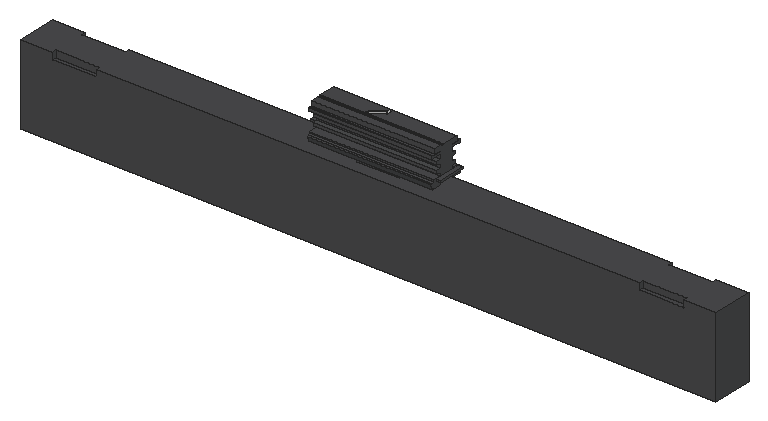
Revit family "STRIPE SINGLE HEAD RAIL 646_DTM30W6.6.90", category Luminarias, Revit 2019
Family settings
  Cota de conector redondo = Diámetro de uso
  Tipo de pieza = Normal
  Se basa en plano de trabajo = Sí
  Siempre vertical = Sí
  Corte con vacíos al cargar = No
  Origen de luz = Sí
  Compartido = No
  Punto de cálculo de habitación = No
Parameters (values of type "STRIPE SINGLE HEAD RAIL 646_DTM30W6.6.90")
  Ángulo de inclinación = 60.00°
  Zone [instance] = ""
  Watt per fixture = 30
  Wattage = 30 W
  built-in parameter 1150107 = 3000 (stored number, unit not read)
  built-in parameter 1150110 = 1 (stored number, unit not read)
  built-in parameter 1150109 = 1 (stored number, unit not read)
  built-in parameter 1150112 = 1 (stored number, unit not read)
  built-in parameter 1150113 = 1 (stored number, unit not read)
  built-in parameter 1114218 = 1 (stored number, unit not read)
  Keynote = ""
  built-in parameter 1150137 = (empty or 0)
  built-in parameter 1150132 = (empty or 0)
  Modelo = "DTM30W6.6.90"
  Lámpara = "2835SMD SAMSUNG"
  built-in parameter 1150105 = 202.92 (stored number, unit not read)
  built-in parameter 1150102 = (empty or 0)
  built-in parameter 1150106 = 2.0292 (stored number, unit not read)
  Lumens = 2550 lm
  Color Filter = 16777215
  built-in parameter 1114217 = 1 (stored number, unit not read)
  built-in parameter 1150139 = (empty or 0)
  Fabricante = "BRILLANT"
  Default Elevation = 1219.2 mm
  built-in parameter 1150104 = 7.8968 (stored number, unit not read)
  Descripción = "LUMINARIA DOWNLIGHT EN FORMATO RECTANGULAR COMPATIBLE CON RIEL DE 6 ENTRADAS Y 3 CIRCUITOS CON CABEZAL PARA PODER DIRIGIR LA LUMINARIA HASTA 30 GRADOS, CUERPO DE ALUMINIO ACABADO EN COLOR NEGRO, IP 20, PESO 1.44Kg, TIPO DE LED 2835SMD SAMSUNG CON 30W TOTAL, 2235 LUMENES, 85LM/W, IRC 90, TEMPERATURA EN BLANCO CALIDO 3000K, 50 MIL HORAS DE VIDA PROMEDIO, APERTURA DE 90 GRADOS EN STOCK, ALIMENTADO A 90-240V"
  built-in parameter 1150115 = 1 (stored number, unit not read)
  built-in parameter 1150114 = 1 (stored number, unit not read)
  Comentarios de vataje = "90-240V"
  built-in parameter 1150138 = (empty or 0)
  built-in parameter 1150134 = (empty or 0)
  Circuit [instance] = ""
  Dimming Lamp Color Temperature Shift = (empty or 0)
  Archivo de red fotométrica = "L646B-30W-830-B-90_IESNA95.IES"
  built-in parameter 1150133 = 10 (stored number, unit not read)
Reference planes
  plane 1 "Centro (Frontal/Posterior)": y = 0
  plane 2: z = 0
  plane 3 "Centro (Izquierda/Derecha)": x = 0
Forms (mm)
  Extrusion 1, solid, material "Default Form"
    sketch origin (0, 0, 0) x (1, 0, 0) y (0, 0, 1)
      loop
        line (-313, 0) -> (-313, -72) -> (313, -72) -> (313, 0) -> (-313, 0)
    from -18.326 to 18.326
  Blend 2, void
    base sketch origin (0, 0, 0) x (1, 0, 0) y (0, 1, 0)
      loop
        line (-309.14, 16.149) -> (-309.14, -16.149) -> (309.14, -16.149) -> (309.14, 16.149) -> (-309.14, 16.149)
    top sketch origin (0, 0, 0) x (1, 0, 0) y (0, 1, 0)
      loop
        line (-304.14, 12.149) -> (-304.14, -12.149) -> (304.14, -12.149) -> (304.14, 12.149) -> (-304.14, 12.149)
    from -72 to -61.591
  Extrusion 3, solid, material "Default Form"
    sketch origin (-55.628, 0, 7.5) x (0, 1, 0) y (0, 0, 1)
      loop
        line (-7.273, 1.74) -> (7.273, 1.74) -> (7.273, 0) -> (15.231, 0) -> (17.006, 4.494) -> (15.021, 4.494) -> (14.058, 5.868) -> (14.058, 7.166) -> (6.473, 7.166) -> (6.473, 9.324) -> (10.169, 10.163) -> (10.169, 12.464) -> (6.473, 13.302) -> (6.473, 16.66) -> (10.169, 17.499) -> (10.169, 19.8) -> (6.473, 20.638) -> (6.473, 25.016) -> (13.839, 25.016) -> (14.514, 24.341) -> (15.775, 24.341) -> (15.775, 27.171) -> (14.73, 27.171) -> (14.058, 26.499) -> (6.473, 26.499) -> (6.473, 27.299) -> (12.377, 27.299) -> (12.377, 31.471) -> (-2.744, 31.471) -> (-2.744, 30.671) -> (-5.514, 30.671) -> (-5.514, 31.471) -> (-12.377, 31.471) -> (-12.377, 27.299) -> (-6.473, 27.299) -> (-6.473, 26.499) -> (-14.058, 26.499) -> (-14.73, 27.171) -> (-15.775, 27.171) -> (-15.775, 24.341) -> (-14.514, 24.341) -> (-13.839, 25.016) -> (-6.473, 25.016) -> (-6.473, 20.638) -> (-10.169, 19.8) -> (-10.169, 17.499) -> (-6.473, 16.66) -> (-6.473, 13.302) -> (-10.169, 12.464) -> (-10.169, 10.163) -> (-6.473, 9.324) -> (-6.473, 7.166) -> (-14.058, 7.166) -> (-14.058, 5.868) -> (-15.021, 4.494) -> (-17.006, 4.494) -> (-15.231, 0) -> (-7.273, 0) -> (-7.273, 1.74)
    from 0 to 111.256
  Extrusion 4, solid, material "Default Form"
    sketch origin (0, 0, 0) x (1, 0, 0) y (0, 1, 0)
      loop
        line (-19.12, 6.873) -> (-19.12, -6.873) -> (19.12, -6.873) -> (19.12, 6.873) -> (-19.12, 6.873)
    from 0 to 2.67
  Extrusion 5, solid, material "Default Form"
    sketch origin (0, 0, 0) x (1, 0, 0) y (0, 1, 0)
      loop
        line (-10.93, 3.188) -> (-10.93, -3.188) -> (10.93, -3.188) -> (10.93, 3.188) -> (-10.93, 3.188)
    from 2.67 to 7.5
  Extrusion 6, void
    sketch origin (0, 0, 0) x (1, 0, 0) y (0, 1, 0)
      loop
        line (-244.42, 18.326) -> (-284.14, 18.326) -> (-284.14, 14.276) -> (-244.42, 14.276) -> (-244.42, 18.326)
      loop
        line (-284.14, -18.326) -> (-244.42, -18.326) -> (-244.42, -14.276) -> (-284.14, -14.276) -> (-284.14, -18.326)
      loop
        line (244.42, 18.326) -> (244.42, 14.276) -> (284.14, 14.276) -> (284.14, 18.326) -> (244.42, 18.326)
      loop
        line (284.14, -18.326) -> (284.14, -14.276) -> (244.42, -14.276) -> (244.42, -18.326) -> (284.14, -18.326)
    from -6.015 to 0
  Extrusion 7, solid, material "Acero Inoxidable"
    sketch origin (0, -1.594, 0) x (1, 0, 0) y (0, 0, -1)
      loop
        line (-15, -38.971) -> (3.794, -45.811) -> (4.341, -44.308) -> (3.589, -44.034) -> (3.316, -44.786) -> (-12.661, -38.971) -> (-15, -38.971)
    from 0 to 3.188
  Extrusion 8, solid, material "Default Form"
    sketch origin (0, 0, 0) x (1, 0, 0) y (0, 1, 0)
      loop
        line (-55.628, 6.473) -> (-66.331, 6.473) -> (-66.331, 0) -> (-55.628, 0) -> (-55.628, 6.473)
      loop
        line (55.628, 12.377) -> (55.628, -12.149) -> (60.628, -12.149) -> (60.628, 12.377) -> (55.628, 12.377)
    from 13.368 to 15
  Extrusion 9, solid, material "Cristal"
    sketch origin (0, 0, 0) x (1, 0, 0) y (0, 1, 0)
      loop
        line (-309.14, 16.149) -> (-309.14, -16.149) -> (309.14, -16.149) -> (309.14, 16.149) -> (-309.14, 16.149)
    from -72 to -70.547
Cuts and joins
  Blend 2, Extrusion 6 cuts Extrusion 1
Dimensions and locks
  equal spacing: Extrusion 1, plane 1 "Centro (Frontal/Posterior)", Extrusion 1
  Extrusion 1 to plane 1 "Centro (Frontal/Posterior)" = 18.326 mm
  Extrusion 1 to Extrusion 1 = 36.651 mm
  Extrusion 1 to Extrusion 1 = 72 mm
  Extrusion 1 to Extrusion 1 = 626 mm
  cut or joined group of Extrusion 1, Blend 2, Extrusion 6 to cut or joined group of Extrusion 1, Blend 2, Extrusion 6 = 72 mm
  cut or joined group of Extrusion 1, Blend 2, Extrusion 6 to cut or joined group of Extrusion 1, Blend 2, Extrusion 6 = 36.651 mm
  cut or joined group of Extrusion 1, Blend 2, Extrusion 6 to cut or joined group of Extrusion 1, Blend 2, Extrusion 6 = 626 mm
  equal spacing: cut or joined group of Extrusion 1, Blend 2, Extrusion 6, plane 1 "Centro (Frontal/Posterior)", cut or joined group of Extrusion 1, Blend 2, Extrusion 6
  cut or joined group of Extrusion 1, Blend 2, Extrusion 6 to cut or joined group of Extrusion 1, Blend 2, Extrusion 6 = 28.86 mm
  aligned and locked: level to plane 2
  aligned and locked: Extrusion 5 to Extrusion 3
  aligned and locked: Extrusion 5 to Extrusion 4
  aligned and locked: Extrusion 9 to cut or joined group of Extrusion 1, Blend 2, Extrusion 6  (x2)
Automatic sketch dimensions
  plane 1 "Centro (Frontal/Posterior)" to Extrusion 3 sketch curve = 17.006 mm
  plane 1 "Centro (Frontal/Posterior)" to Extrusion 3 sketch curve = 15.775 mm
  level to Extrusion 3 sketch curve = 7.5 mm  (x2)
  Extrusion 3 sketch curve to Extrusion 3 sketch curve = 1.775 mm
  Extrusion 3 sketch curve to Extrusion 3 sketch curve = 1.985 mm  (x2)
  Extrusion 3 sketch curve to Extrusion 3 sketch curve = 1.045 mm
  Extrusion 3 sketch curve to Extrusion 3 sketch curve = 1.261 mm  (x2)
  Extrusion 3 sketch curve to Extrusion 3 sketch curve = 0.963 mm  (x2)
  Extrusion 3 sketch curve to Extrusion 3 sketch curve = 0.672 mm  (x4)
  Extrusion 3 sketch curve to Extrusion 3 sketch curve = 0.675 mm  (x3)
  Extrusion 3 sketch curve to Extrusion 3 sketch curve = 2.354 mm
  Extrusion 3 sketch curve to Extrusion 3 sketch curve = 4.345 mm
  Extrusion 3 sketch curve to Extrusion 3 sketch curve = 3.89 mm  (x2)
  plane 1 "Centro (Frontal/Posterior)" to Extrusion 3 sketch curve = 7.273 mm
  Extrusion 3 sketch curve to Extrusion 3 sketch curve = 3.696 mm  (x4)
  Extrusion 3 sketch curve to Extrusion 3 sketch curve = 5.904 mm  (x2)
  Extrusion 3 sketch curve to Extrusion 3 sketch curve = 0 mm  (x3)
  Extrusion 3 sketch curve to Extrusion 3 sketch curve = 0.959 mm
  plane 1 "Centro (Frontal/Posterior)" to Extrusion 3 sketch curve = 2.744 mm
  Extrusion 3 sketch curve to plane 1 "Centro (Frontal/Posterior)" = 6.473 mm  (x2)
  Extrusion 3 sketch curve to Extrusion 3 sketch curve = 0.8 mm  (x3)
  Extrusion 3 sketch curve to Extrusion 3 sketch curve = 1.462 mm
  Extrusion 3 sketch curve to Extrusion 3 sketch curve = 0.22 mm
  Extrusion 3 sketch curve to Extrusion 3 sketch curve = 0.21 mm
  Extrusion 3 sketch curve to Extrusion 3 sketch curve = 1.74 mm
  Extrusion 3 sketch curve to Extrusion 3 sketch curve = 4.494 mm  (x2)
  Extrusion 3 sketch curve to Extrusion 3 sketch curve = 1.375 mm  (x2)
  Extrusion 3 sketch curve to Extrusion 3 sketch curve = 5.426 mm  (x2)
  Extrusion 3 sketch curve to Extrusion 3 sketch curve = 2.158 mm  (x2)
  Extrusion 3 sketch curve to Extrusion 3 sketch curve = 0.839 mm  (x8)
  Extrusion 3 sketch curve to Extrusion 3 sketch curve = 2.301 mm  (x4)
  Extrusion 3 sketch curve to Extrusion 3 sketch curve = 3.358 mm  (x2)
  Extrusion 3 sketch curve to Extrusion 3 sketch curve = 4.541 mm  (x2)
  Extrusion 3 sketch curve to Extrusion 3 sketch curve = 4.378 mm
  Extrusion 3 sketch curve to Extrusion 3 sketch curve = 1.483 mm  (x2)
  Extrusion 3 sketch curve to Extrusion 3 sketch curve = 3.372 mm
  Extrusion 3 sketch curve to Extrusion 3 sketch curve = 4.172 mm  (x2)
  plane 1 "Centro (Frontal/Posterior)" to Extrusion 4 sketch curve = 6.873 mm
  Extrusion 4 sketch curve to plane 3 "Centro (Izquierda/Derecha)" = 19.12 mm
  plane 3 "Centro (Izquierda/Derecha)" to Extrusion 4 sketch curve = 19.12 mm
  Extrusion 4 sketch curve to plane 1 "Centro (Frontal/Posterior)" = 6.873 mm
  plane 1 "Centro (Frontal/Posterior)" to Extrusion 5 sketch curve = 3.188 mm
  Extrusion 5 sketch curve to plane 3 "Centro (Izquierda/Derecha)" = 10.93 mm
  plane 3 "Centro (Izquierda/Derecha)" to Extrusion 5 sketch curve = 10.93 mm
  Extrusion 5 sketch curve to plane 1 "Centro (Frontal/Posterior)" = 3.188 mm
  Extrusion 7 sketch curve to plane 3 "Centro (Izquierda/Derecha)" = 15 mm
  Extrusion 7 sketch curve to Extrusion 7 sketch curve = 2.339 mm
  plane 3 "Centro (Izquierda/Derecha)" to Extrusion 7 sketch curve = 3.316 mm
  Extrusion 7 sketch curve to Extrusion 7 sketch curve = 0.274 mm
  Extrusion 7 sketch curve to Extrusion 7 sketch curve = 0.478 mm
  Extrusion 7 sketch curve to Extrusion 7 sketch curve = 0.752 mm
  level to Extrusion 7 sketch curve = 45.811 mm
  plane 1 "Centro (Frontal/Posterior)" to Extrusion 8 sketch curve = 0 mm
  Extrusion 8 sketch curve to plane 1 "Centro (Frontal/Posterior)" = 6.473 mm
  Extrusion 8 sketch curve to plane 3 "Centro (Izquierda/Derecha)" = 66.331 mm
  Extrusion 8 sketch curve to Extrusion 8 sketch curve = 10.703 mm
  Extrusion 8 sketch curve to plane 1 "Centro (Frontal/Posterior)" = 12.377 mm
  plane 3 "Centro (Izquierda/Derecha)" to Extrusion 8 sketch curve = 55.628 mm
  Extrusion 8 sketch curve to Extrusion 8 sketch curve = 5 mm
  plane 1 "Centro (Frontal/Posterior)" to Extrusion 8 sketch curve = 12.149 mm
  plane 1 "Centro (Frontal/Posterior)" to Extrusion 9 sketch curve = 16.149 mm
  Extrusion 9 sketch curve to plane 3 "Centro (Izquierda/Derecha)" = 309.14 mm
  plane 3 "Centro (Izquierda/Derecha)" to Extrusion 9 sketch curve = 309.14 mm
  Extrusion 9 sketch curve to plane 1 "Centro (Frontal/Posterior)" = 16.149 mm
  Extrusion 1 sketch curve to level = 0 mm
  Extrusion 1 sketch curve to plane 3 "Centro (Izquierda/Derecha)" = 313 mm
  plane 3 "Centro (Izquierda/Derecha)" to Extrusion 1 sketch curve = 313 mm
  Extrusion 1 sketch curve to level = 72 mm
  plane 1 "Centro (Frontal/Posterior)" to Extrusion 6 sketch curve = 18.326 mm  (x2)
  Extrusion 6 sketch curve to plane 3 "Centro (Izquierda/Derecha)" = 284.14 mm
  Extrusion 6 sketch curve to Extrusion 6 sketch curve = 0 mm  (x4)
  Extrusion 6 sketch curve to Extrusion 6 sketch curve = 39.72 mm  (x2)
  Extrusion 6 sketch curve to plane 1 "Centro (Frontal/Posterior)" = 18.326 mm
  plane 3 "Centro (Izquierda/Derecha)" to Extrusion 6 sketch curve = 244.42 mm
  Extrusion 6 sketch curve to Extrusion 6 sketch curve = 4.049 mm  (x4)
  Extrusion 6 sketch curve to plane 1 "Centro (Frontal/Posterior)" = 14.276 mm
  Blend 2 sketch curve to plane 1 "Centro (Frontal/Posterior)" = 16.149 mm
  Blend 2 sketch curve to plane 3 "Centro (Izquierda/Derecha)" = 309.14 mm
  plane 1 "Centro (Frontal/Posterior)" to Blend 2 sketch curve = 16.149 mm
  plane 3 "Centro (Izquierda/Derecha)" to Blend 2 sketch curve = 309.14 mm
  Blend 2 sketch curve to plane 1 "Centro (Frontal/Posterior)" = 12.149 mm
  Blend 2 sketch curve to plane 3 "Centro (Izquierda/Derecha)" = 304.14 mm
  plane 1 "Centro (Frontal/Posterior)" to Blend 2 sketch curve = 12.149 mm
  plane 3 "Centro (Izquierda/Derecha)" to Blend 2 sketch curve = 304.14 mm
Connectors
  electrical at (-13.4, 0, 0)
    settings: on cut or joined group of Extrusion 1, Blend 2, Extrusion 6, index 1, voltage 240 V, apparent load 0 VA, apparent load phase1 0 VA, apparent load phase2 0 VA, apparent load phase3 0 VA, power factor 1, load classification "Otro", number of poles 1, system type 31, power factor state 1, is connector primary yes, connector utility no, sub classification motor no, connector description ""
